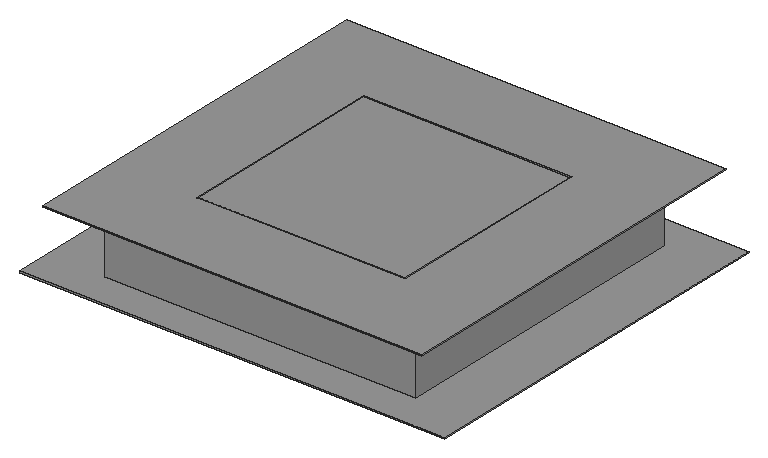
Revit family "Unterflur-Gerätedose - UGD 250-3 4- OBO", category Generic Models, Revit 2017
Family settings
  Can host rebar = No
  Round Connector Dimension = Use Diameter
  Part Type = Normal
  Work Plane-Based = No
  Always vertical = Yes
  Cut with Voids When Loaded = No
  Shared = No
  Room Calculation Point = No
Parameters (values of type "UGD 250-3 4")
  URL = "http://www.obo-bettermann.com"
  Material = Strip galvanised
  Manufacturer Art.No. = "7410079"
  Manufacturer = "OBO BETTERMANN"
  GTIN = "4012195431701"
  Article Type = "UGD 250-3 4"
Reference planes
  plane 1 "Center (Front/Back)": y = 0
  plane 2: z = 0
  plane 3 "Center (Left/Right)": x = 0
  plane 4: z = 1
  plane 5: x = 205
  plane 6: y = 183.5
  plane 7: y = 333.5
  plane 8: x = 355
  plane 9: x = 55
  plane 10: y = 33.5
  plane 11: z = 64
  plane 12: x = 21.5
  plane 13: x = 388.5
  plane 14: z = 65
  plane 15: y = 284
  plane 16: x = 104.5
  plane 17: y = 83
  plane 18: x = 305.5
Forms (mm)
  Extrusion 1, solid, material "Strip galvanised"
    sketch origin (0, 0, 0) x (1, 0, 0) y (0, 1, 0)
      loop
        line (0, 0) -> (410, 0) -> (410, 367) -> (0, 367) -> (0, 0)
    from 0 to 1
  Extrusion 2, solid, material "Strip galvanised" <- "Material"
    sketch origin (0, 0, 0) x (1, 0, 0) y (0, 1, 0)
      loop
        line (55, 333.5) -> (55, 33.5) -> (355, 33.5) -> (355, 333.5) -> (55, 333.5)
      loop
        line (56, 332.5) -> (56, 34.5) -> (354, 34.5) -> (354, 332.5) -> (56, 332.5)
    from 1 to 64
  Extrusion 3, solid, material "Strip galvanised" <- "Material"
    sketch origin (0, 0, 0) x (1, 0, 0) y (0, 1, 0)
      loop
        line (21.5, 367) -> (21.5, 0) -> (388.5, 0) -> (388.5, 367) -> (21.5, 367)
    from 64 to 65
  Extrusion 4, void
    sketch origin (0, 0, 0) x (1, 0, 0) y (0, 1, 0)
      loop
        line (104.5, 284) -> (104.5, 83) -> (305.5, 83) -> (305.5, 284) -> (104.5, 284)
      loop
        line (105.5, 283) -> (105.5, 84) -> (304.5, 84) -> (304.5, 283) -> (105.5, 283)
    from 64 to 65
Cuts and joins
  Extrusion 4 cuts Extrusion 1
  Extrusion 4 cuts Extrusion 3
Dimensions and locks
  locked: Extrusion 1 sketch curve to Extrusion 1 sketch curve at 367
  locked: Extrusion 1 sketch curve to Extrusion 1 sketch curve at 410
  locked: Extrusion 1 to plane 5 at 205
  locked: Extrusion 1 to plane 6 at 183.5
  plane 5 to plane 8 = 150 mm
  plane 7 to plane 6 = 150 mm
  locked: Extrusion 2 sketch curve to Extrusion 2 sketch curve at 300  (x2)
  locked: Extrusion 2 sketch curve to Extrusion 2 sketch curve at 298  (x2)
  locked: Extrusion 1 to Extrusion 2 at 63
  locked: plane 12 to plane 5 at 183.5
  locked: plane 5 to plane 13 at 183.5
  locked: Extrusion 1 to Extrusion 1 at 367
  locked: Extrusion 3 sketch curve to Extrusion 3 sketch curve at 367
  locked: plane 15 to plane 6 at 100.5
  locked: plane 6 to plane 17 at 100.5
  locked: plane 16 to plane 5 at 100.5
  locked: plane 5 to plane 18 at 100.5
  locked: Extrusion 4 sketch curve to Extrusion 4 sketch curve at 201  (x2)
  Extrusion 4 sketch curve to Extrusion 4 sketch curve = 199 mm
  locked: Extrusion 4 sketch curve to Extrusion 4 sketch curve at 199
  aligned and locked: level to plane 2
  aligned and locked: plane 1 "Center (Front/Back)" to Extrusion 1 sketch curve
  aligned and locked: Extrusion 1 to plane 4
  aligned and locked: Extrusion 2 to Extrusion 1
  aligned and locked: Extrusion 2 to plane 11
  aligned and locked: Extrusion 3 to Extrusion 2
  aligned and locked: Extrusion 3 to plane 14
  aligned and locked: Extrusion 4 sketch curve to plane 18
  aligned and locked: Extrusion 4 to Extrusion 2
  aligned and locked: Extrusion 4 to plane 14
